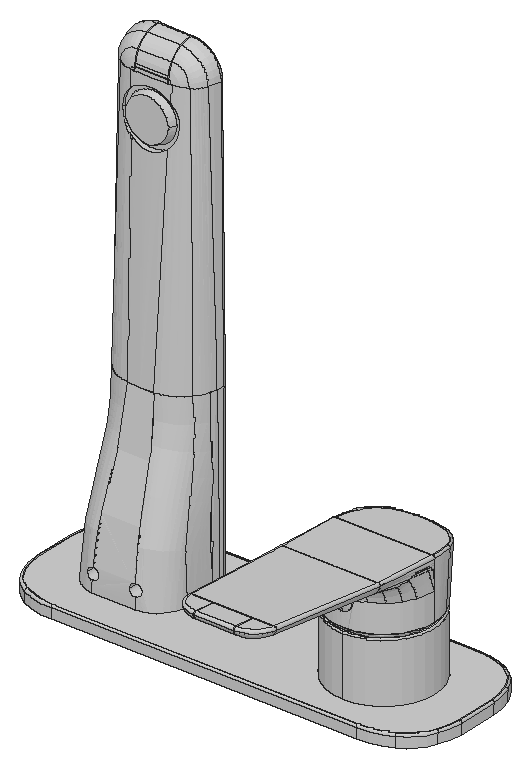
Revit family "CONTURA II WALL BASIN-BATH MIXER 180MM LF", category Plumbing Fixtures, host Face, Revit 2020
Family settings
  Host = Face
  Round Connector Dimension = Use Diameter
  Part Type = Normal
  OmniClass Number = 23.45.55.17
  OmniClass Title = Mixing Faucets
  Cut with Voids When Loaded = Yes
  Shared = No
  Room Calculation Point = No
Parameters (values of type "CONTURA II WALL BASIN-BATH MIXER 180MM LF - CHROME")
  Waste Connection = no
  Vent Connection = no
  URL = "https://www.caroma.com.au/"
  Model = "849051C6AF"
  Base_Material = GWA_Metal-Chrome
  Manufacturer = "GWA Bathrooms & Kitchens"  # constant formula
  HW Connection = yes
  Description = "CONTURA II WALL BASIN-BATH MIXER 180MM LF - CHROME"
  Default Elevation = 0 mm
  CreatedBy_ANZRS = "GWA Bathrooms & Kitchens"  # constant formula
  CW Connection = yes
  Assembly Code = "D2020300"
Types (6, lengths in mm): name | Model | Base_Material | Description
  (no name) | "849051C6AF" | GWA_Metal-Chrome | "CONTURA II WALL BASIN-BATH MIXER 180MM LF - CHROME"
  CONTURA II WALL BASIN-BATH MIXER 180MM LF - CHROME | "849051C6AF" | GWA_Metal-Chrome | "CONTURA II WALL BASIN-BATH MIXER 180MM LF - CHROME"
  CONTURA II WALL BASIN-BATH MIXER 180MM LF - MATTE BLACK | "849051B6AF" | GWA-Metal-Black | "CONTURA II WALL BASIN-BATH MIXER 180MM LF - MATTE BLACK"
  CONTURA II WALL BASIN-BATH MIXER 180MM LF - BRUSHED BRASS | "849051BB6AF" | GWA_Metal-Brushed-Brass | "CONTURA II WALL BASIN-BATH MIXER 180MM LF - BRUSHED BRASS"
  CONTURA II WALL BASIN-BATH MIXER 180MM LF - BRUSHED BRONZE | "849051BBZ6AF" | GWA_Metal-Brushed-Bronze | "CONTURA II WALL BASIN-BATH MIXER 180MM LF - BRUSHED BRONZE"
  CONTURA II WALL BASIN-BATH MIXER 180MM LF - BRUSHED NICKEL | "849051BN6AF" | GWA_Metal-Brushed-Nickel | "CONTURA II WALL BASIN-BATH MIXER 180MM LF - BRUSHED NICKEL"
Reference planes
  plane 1 "Center (Front/Back)": y = 0
  plane 2: z = 0
  plane 3 "Center (Left/Right)": x = 0
Forms (mm)
  Sweep 1, solid, material "GWA_Metal-Chrome" <- "Base_Material"
    path origin (0, 0, 0) x (1, 0, 0) y (0, 1, 0)
      loop
        arc (-114.48, 32.5) -> (-121.599, 31.638) -> (-128.307, 29.103) r 29.842
        arc (-128.307, 29.103) -> (-134.006, 24.641) -> (-137.736, 18.439) r 19.936
        arc (-137.736, 18.439) -> (-139.138, 13.597) -> (-139.781, 8.596) r 32.769
        arc (-139.781, 8.596) -> (-140, 0) -> (-139.781, -8.596) r 168.958
        arc (-139.781, -8.596) -> (-139.138, -13.597) -> (-137.736, -18.439) r 32.769
        arc (-137.736, -18.439) -> (-134.006, -24.641) -> (-128.307, -29.103) r 19.936
        arc (-128.307, -29.103) -> (-121.599, -31.638) -> (-114.48, -32.5) r 29.842
        line (-114.48, -32.5) -> (14.48, -32.5)
        arc (14.48, -32.5) -> (21.599, -31.638) -> (28.307, -29.103) r 29.842
        arc (28.307, -29.103) -> (34.006, -24.641) -> (37.736, -18.439) r 19.936
        arc (37.736, -18.439) -> (39.138, -13.597) -> (39.781, -8.596) r 32.769
        arc (39.781, -8.596) -> (40, 0) -> (39.781, 8.596) r 168.958
        arc (39.781, 8.596) -> (39.138, 13.597) -> (37.736, 18.439) r 32.769
        arc (37.736, 18.439) -> (34.006, 24.641) -> (28.307, 29.103) r 19.936
        arc (28.307, 29.103) -> (21.599, 31.638) -> (14.48, 32.5) r 29.842
        line (14.48, 32.5) -> (-114.48, 32.5)
    profile origin (-50, 32.5, 0) x (0, 1, 0) y (0, 0, 1)
      loop
        line (0, 0) -> (0, 4.2)
        arc (0, 4.2) -> (-0.293, 4.907) -> (-1, 5.2) r 1
        line (-1, 5.2) -> (-1, 0) -> (0, 0)
  Extrusion 2, solid, material "GWA_Metal-Chrome" <- "Base_Material"
    sketch origin (0, 0, 0) x (1, 0, 0) y (0, 1, 0)
      loop
        circle (0, 0) r 21.8
      loop
        arc (-114.48, 31.5) -> (-121.361, 30.667) -> (-127.844, 28.217) r 28.842
        arc (-127.844, 28.217) -> (-133.257, 23.979) -> (-136.799, 18.088) r 18.936
        arc (-136.799, 18.088) -> (-138.159, 13.393) -> (-138.782, 8.545) r 31.769
        arc (-138.782, 8.545) -> (-139, 0) -> (-138.782, -8.545) r 167.958
        arc (-138.782, -8.545) -> (-138.159, -13.393) -> (-136.799, -18.088) r 31.769
        arc (-136.799, -18.088) -> (-133.257, -23.979) -> (-127.844, -28.217) r 18.936
        arc (-127.844, -28.217) -> (-121.361, -30.667) -> (-114.48, -31.5) r 28.842
        line (-114.48, -31.5) -> (14.48, -31.5)
        arc (14.48, -31.5) -> (21.361, -30.667) -> (27.844, -28.217) r 28.842
        arc (27.844, -28.217) -> (33.257, -23.979) -> (36.799, -18.088) r 18.936
        arc (36.799, -18.088) -> (38.159, -13.393) -> (38.782, -8.545) r 31.769
        arc (38.782, -8.545) -> (39, 0) -> (38.782, 8.545) r 167.958
        arc (38.782, 8.545) -> (38.159, 13.393) -> (36.799, 18.088) r 31.769
        arc (36.799, 18.088) -> (33.257, 23.979) -> (27.844, 28.217) r 18.936
        arc (27.844, 28.217) -> (21.361, 30.667) -> (14.48, 31.5) r 28.842
        line (14.48, 31.5) -> (-114.48, 31.5)
    from 0 to 5.2
  Revolve 3, solid, material "GWA_Metal-Chrome" <- "Base_Material"
    sketch origin (0, 0, 0) x (0, 1, 0) y (0, 0, 1)
      loop
        arc (-15.92, 36.8) -> (-18.261, 34.183) -> (-20.177, 31.24) r 23
        arc (-20.177, 31.24) -> (-20.169, 30.745) -> (-19.739, 30.5) r 0.5
        line (-19.739, 30.5) -> (0, 30.5) -> (0, 36.8) -> (-15.92, 36.8)
      axis (0, 30.5) -> (0, 36.8)
    angle from 0 to 360
  Revolve 4, solid, material "GWA_Metal-Chrome" <- "Base_Material"
    sketch origin (0, 0, 0) x (0, 1, 0) y (0, 0, 1)
      loop
        line (0, 30.5) -> (-21, 30.5)
        arc (-21, 30.5) -> (-21.354, 30.354) -> (-21.5, 30) r 0.5
        line (-21.5, 30) -> (-21.5, 0) -> (0, 0) -> (0, 30.5)
      axis (0, 0) -> (0, 30.5)
    angle from 0 to 360
Lines and regions (mm)
  Masking region 1
    outline origin (0, 0, 0) x (0, 1, 0) y (0, 0, 1)
      loop
        line (32.5, 0) -> (32.5, 4.2)
        arc (32.5, 4.2) -> (32.207, 4.907) -> (31.5, 5.2) r 1
        line (31.5, 5.2) -> (21.5, 5.2) -> (21.5, 30)
        arc (21.5, 30) -> (21.354, 30.354) -> (21, 30.5) r 0.5
        line (21, 30.5) -> (-21, 30.5)
        arc (-21, 30.5) -> (-21.354, 30.354) -> (-21.5, 30) r 0.5
        line (-21.5, 30) -> (-21.5, 5.2) -> (-31.5, 5.2)
        arc (-31.5, 5.2) -> (-32.207, 4.907) -> (-32.5, 4.2) r 1
        line (-32.5, 4.2) -> (-32.5, 0) -> (32.5, 0)
      loop
        arc (-66.761, 63.338) -> (-73.285, 63.888) -> (-79.813, 64.392) r 914.227
        arc (-79.813, 64.392) -> (-84.22, 64.706) -> (-88.635, 64.998) r 914.138
        arc (-88.635, 64.998) -> (-89.418, 64.695) -> (-89.694, 63.901) r 1
        arc (-89.694, 63.901) -> (-89.223, 62.428) -> (-88.193, 61.276) r 3.705
        arc (-88.193, 61.276) -> (-86.039, 60.083) -> (-83.656, 59.463) r 9.844
        line (-83.656, 59.463) -> (-80.255, 59.02)
        arc (-80.255, 59.02) -> (-77.655, 58.68) -> (-75.055, 58.343) r 2544.513
        line (-75.055, 58.343) -> (-29.24, 52.379)
        arc (-29.24, 52.379) -> (-26.806, 51.634) -> (-24.754, 50.13) r 7.627
        arc (-24.754, 50.13) -> (-22.987, 47.769) -> (-21.878, 45.036) r 11.508
        arc (-21.878, 45.036) -> (-22.18, 41.811) -> (-21.5, 38.645) r 10.659
        line (-21.5, 38.645) -> (-21.5, 32.5) -> (21.5, 32.5) -> (21.5, 53.892)
        arc (21.5, 53.892) -> (21.262, 54.54) -> (20.661, 54.879) r 1
        arc (20.661, 54.879) -> (18.082, 55.286) -> (15.5, 55.67) r 283.348
        line (15.5, 55.67) -> (15.5, 195.279)
        arc (15.5, 195.279) -> (15.46, 201.195) -> (15.341, 207.111) r 440
        arc (15.341, 207.111) -> (15.024, 207.815) -> (14.3, 208.083) r 1
        arc (14.3, 208.083) -> (9.274, 206.686) -> (5.389, 203.206) r 11.452
        arc (5.389, 203.206) -> (2.979, 198.971) -> (1.395, 194.363) r 26.205
        arc (1.395, 194.363) -> (0.946, 190.806) -> (1.299, 187.239) r 16
        arc (1.299, 187.239) -> (1.924, 177.895) -> (-0.136, 168.76) r 32.568
        arc (-0.136, 168.76) -> (-0.367, 167.966) -> (-0.464, 167.145) r 5
        line (-0.464, 167.145) -> (-3.614, 76.931)
        arc (-3.614, 76.931) -> (-4.428, 67.405) -> (-6.195, 58.01) r 95
        line (-6.195, 58.01) -> (-66.761, 63.338)
  Masking region 2
    outline origin (0, 0, 0) x (0, 1, 0) y (0, 0, 1)
      loop
        arc (19.739, 30.5) -> (20.169, 30.745) -> (20.177, 31.24) r 0.5
        arc (20.177, 31.24) -> (19.816, 31.876) -> (19.435, 32.5) r 23
        line (19.435, 32.5) -> (-19.435, 32.5)
        arc (-19.435, 32.5) -> (-19.816, 31.876) -> (-20.177, 31.24) r 23
        arc (-20.177, 31.24) -> (-20.169, 30.745) -> (-19.739, 30.5) r 0.5
        line (-19.739, 30.5) -> (19.739, 30.5)
  Masking region 3
    outline origin (0, 0, -234.316) x (1, 0, 0) y (0, 0, 1)
      loop
        line (-140, 234.316) -> (40, 234.316) -> (40, 238.516)
        arc (40, 238.516) -> (39.707, 239.223) -> (39, 239.516) r 1
        line (39, 239.516) -> (21.5, 239.516) -> (21.5, 264.316)
        arc (21.5, 264.316) -> (21.354, 264.67) -> (21, 264.816) r 0.5
        line (21, 264.816) -> (-21, 264.816)
        arc (-21, 264.816) -> (-21.354, 264.67) -> (-21.5, 264.316) r 0.5
        line (-21.5, 264.316) -> (-21.5, 239.516) -> (-79, 239.516) -> (-80.141, 429.978)
        arc (-80.141, 429.978) -> (-83.609, 438.483) -> (-91.99, 442.241) r 12.347
        arc (-91.99, 442.241) -> (-100, 442.402) -> (-108.01, 442.241) r 198.646
        arc (-108.01, 442.241) -> (-116.391, 438.483) -> (-119.859, 429.978) r 12.347
        line (-119.859, 429.978) -> (-121, 239.516) -> (-139, 239.516)
        arc (-139, 239.516) -> (-139.707, 239.223) -> (-140, 238.516) r 1
        line (-140, 238.516) -> (-140, 234.316)
      loop
        line (-21.5, 266.816) -> (21.5, 266.816) -> (21.5, 289.422)
        arc (21.5, 289.422) -> (20.775, 293.69) -> (18.68, 297.478) r 12.917
        arc (18.68, 297.478) -> (17.817, 298.215) -> (16.742, 298.579) r 3
        arc (16.742, 298.579) -> (13.136, 298.976) -> (9.513, 299.178) r 67.649
        arc (9.513, 299.178) -> (0, 299.317) -> (-9.513, 299.178) r 327.745
        arc (-9.513, 299.178) -> (-13.136, 298.976) -> (-16.742, 298.579) r 67.649
        arc (-16.742, 298.579) -> (-17.817, 298.215) -> (-18.68, 297.478) r 3
        arc (-18.68, 297.478) -> (-20.775, 293.69) -> (-21.5, 289.422) r 12.917
        line (-21.5, 289.422) -> (-21.5, 266.816)
  Masking region 4
    outline origin (0, 0, -234.316) x (1, 0, 0) y (0, 0, 1)
      loop
        line (19.435, 266.816) -> (-19.435, 266.816)
        arc (-19.435, 266.816) -> (-19.816, 266.192) -> (-20.177, 265.556) r 23
        arc (-20.177, 265.556) -> (-20.169, 265.061) -> (-19.739, 264.816) r 0.5
        line (-19.739, 264.816) -> (19.739, 264.816)
        arc (19.739, 264.816) -> (20.169, 265.061) -> (20.177, 265.556) r 0.5
        arc (20.177, 265.556) -> (19.816, 266.192) -> (19.435, 266.816) r 23
  Masking region 5
    outline origin (0, 0, 0) x (1, 0, 0) y (0, 1, 0)
      loop
        arc (20.977, -31.784) -> (24.73, -30.684) -> (28.307, -29.103) r 29.842
        arc (28.307, -29.103) -> (34.006, -24.641) -> (37.736, -18.439) r 19.936
        arc (37.736, -18.439) -> (39.138, -13.597) -> (39.781, -8.596) r 32.769
        arc (39.781, -8.596) -> (40, 0) -> (39.781, 8.596) r 168.958
        arc (39.781, 8.596) -> (39.138, 13.597) -> (37.736, 18.439) r 32.769
        arc (37.736, 18.439) -> (34.006, 24.641) -> (28.307, 29.103) r 19.936
        arc (28.307, 29.103) -> (21.599, 31.638) -> (14.48, 32.5) r 29.842
        line (14.48, 32.5) -> (-114.48, 32.5)
        arc (-114.48, 32.5) -> (-121.599, 31.638) -> (-128.307, 29.103) r 29.842
        arc (-128.307, 29.103) -> (-134.006, 24.641) -> (-137.736, 18.439) r 19.936
        arc (-137.736, 18.439) -> (-139.138, 13.597) -> (-139.781, 8.596) r 32.769
        arc (-139.781, 8.596) -> (-140, 0) -> (-139.781, -8.596) r 168.958
        arc (-139.781, -8.596) -> (-139.138, -13.597) -> (-137.736, -18.439) r 32.769
        arc (-137.736, -18.439) -> (-134.006, -24.641) -> (-128.307, -29.103) r 19.936
        arc (-128.307, -29.103) -> (-121.599, -31.638) -> (-114.48, -32.5) r 29.842
        line (-114.48, -32.5) -> (-20.955, -32.5)
        arc (-20.955, -32.5) -> (-20.007, -55.246) -> (-18.593, -77.967) r 1110.789
        arc (-18.593, -77.967) -> (-18.119, -80.677) -> (-17.111, -83.238) r 13.668
        arc (-17.111, -83.238) -> (-13.503, -87.334) -> (-8.387, -89.236) r 11.189
        arc (-8.387, -89.236) -> (0, -89.695) -> (8.387, -89.236) r 76.764
        arc (8.387, -89.236) -> (13.503, -87.334) -> (17.111, -83.238) r 11.189
        arc (17.111, -83.238) -> (18.119, -80.677) -> (18.593, -77.967) r 13.668
        arc (18.593, -77.967) -> (20.025, -54.888) -> (20.977, -31.784) r 1110.789
  symbolic lines
    curve 1: line (-79, 0, 5.2) -> (-80.141, 0, 195.661)
    curve 2: arc (-80.141, 0, 195.661) -> (-83.609, 0, 204.167) -> (-91.99, 0, 207.924) r 12.347
    curve 3: arc (-91.99, 0, 207.924) -> (-100, 0, 208.086) -> (-108.01, 0, 207.924) r 198.646
    curve 4: arc (-108.01, 0, 207.924) -> (-116.391, 0, 204.167) -> (-119.859, 0, 195.661) r 12.347
    curve 5: line (-119.859, 0, 195.661) -> (-121, 0, 5.2)
    curve 6: line (-140, 0, 0) -> (40, 0, 0)
    curve 7: line (0, 32.5, 0) -> (0, 32.5, 4.2)
    curve 8: arc (0, 32.5, 4.2) -> (0, 32.207, 4.907) -> (0, 31.5, 5.2) r 1
    curve 9: line (0, 31.5, 5.2) -> (0, -31.5, 5.2)
    curve 10: arc (0, -31.5, 5.2) -> (0, -32.207, 4.907) -> (0, -32.5, 4.2) r 1
    curve 11: line (0, -32.5, 4.2) -> (0, -32.5, 0)
    curve 12: arc (0, -6.195, 58.01) -> (0, -4.428, 67.405) -> (0, -3.614, 76.931) r 95
    curve 13: line (0, -3.614, 76.931) -> (0, -0.464, 167.145)
    curve 14: arc (0, -0.464, 167.145) -> (0, -0.367, 167.966) -> (0, -0.136, 168.76) r 5
    curve 15: arc (0, -0.136, 168.76) -> (0, 1.924, 177.895) -> (0, 1.299, 187.239) r 32.568
    curve 16: arc (0, 1.299, 187.239) -> (0, 0.946, 190.806) -> (0, 1.395, 194.363) r 16
    curve 17: arc (0, 1.395, 194.363) -> (0, 2.979, 198.971) -> (0, 5.389, 203.206) r 26.205
    curve 18: arc (0, 5.389, 203.206) -> (0, 9.274, 206.686) -> (0, 14.3, 208.083) r 11.452
    curve 19: arc (0, 14.3, 208.083) -> (0, 15.024, 207.815) -> (0, 15.341, 207.111) r 1
    curve 20: arc (0, 15.341, 207.111) -> (0, 15.46, 201.195) -> (0, 15.5, 195.279) r 440
    curve 21: line (0, 15.5, 55.67) -> (0, 15.5, 195.279)
    curve 22: line (0, 14.736, 55.779) -> (0, 14.736, 198.759)
    curve 23: arc (0, 14.736, 198.759) -> (0, 14.772, 202.92) -> (0, 14.88, 207.079) r 241.024
    curve 24: line (0, 0.447, 170.413) -> (0, -0.82, 170.914)
    curve 25: line (0, -0.82, 170.914) -> (0, -0.189, 189.003)
    curve 26: line (0, -0.189, 189.003) -> (0, 0.99, 189.375)
    curve 27: arc (-120.046, 15.043, 0) -> (-100, 15.5, 0) -> (-79.954, 15.043, 0) r 440
    curve 28: arc (-79.954, 15.043, 0) -> (-79.277, 14.735, 0) -> (-79, 14.044, 0) r 1
    curve 29: line (-79, 14.044, 0) -> (-79, -4.7, 0)
    curve 30: arc (-79, -4.7, 0) -> (-82.749, -13.751, 0) -> (-91.8, -17.5, 0) r 12.8
    curve 31: line (-91.8, -17.5, 0) -> (-108.2, -17.5, 0)
    curve 32: arc (-108.2, -17.5, 0) -> (-117.251, -13.751, 0) -> (-121, -4.7, 0) r 12.8
    curve 33: line (-121, -4.7, 0) -> (-121, 14.044, 0)
    curve 34: arc (-121, 14.044, 0) -> (-120.723, 14.735, 0) -> (-120.046, 15.043, 0) r 1
    curve 35: arc (-81.101, 15.094, 0) -> (-80.395, 14.758, 0) -> (-80.147, 14.016, 0) r 1
    curve 36: arc (-80.147, 14.016, 0) -> (-80.544, 11.414, 0) -> (-81.315, 8.898, 0) r 18.125
    curve 37: arc (-81.315, 8.898, 0) -> (-82.941, 6.188, 0) -> (-85.383, 4.181, 0) r 9.288
    curve 38: arc (-85.383, 4.181, 0) -> (-88.333, 2.878, 0) -> (-91.485, 2.198, 0) r 15.913
    curve 39: arc (-91.485, 2.198, 0) -> (-95.736, 1.842, 0) -> (-100, 1.724, 0) r 76.742
    curve 40: arc (-100, 1.724, 0) -> (-104.264, 1.842, 0) -> (-108.515, 2.198, 0) r 76.742
    curve 41: arc (-108.515, 2.198, 0) -> (-111.667, 2.878, 0) -> (-114.617, 4.181, 0) r 15.913
    curve 42: arc (-114.617, 4.181, 0) -> (-117.059, 6.188, 0) -> (-118.685, 8.898, 0) r 9.288
    curve 43: arc (-118.685, 8.898, 0) -> (-119.456, 11.414, 0) -> (-119.853, 14.016, 0) r 18.125
    curve 44: arc (-119.853, 14.016, 0) -> (-119.605, 14.758, 0) -> (-118.899, 15.094, 0) r 1
    curve 45: arc (-109.533, 0.901, 0) -> (-110.724, 1.327, 0) -> (-111.875, 1.85, 0) r 15.173
    curve 46: arc (-111.875, 1.85, 0) -> (-109.963, 1.329, 0) -> (-108.004, 1.027, 0) r 17.63
    curve 47: arc (-108.004, 1.027, 0) -> (-106.445, 0.924, 0) -> (-104.883, 0.919, 0) r 25
    curve 48: arc (-104.883, 0.919, 0) -> (-100, 0.987, 0) -> (-95.117, 0.919, 0) r 174.541
    curve 49: arc (-95.117, 0.919, 0) -> (-93.555, 0.924, 0) -> (-91.996, 1.027, 0) r 25
    curve 50: arc (-91.996, 1.027, 0) -> (-90.037, 1.329, 0) -> (-88.125, 1.85, 0) r 17.63
    curve 51: arc (-88.125, 1.85, 0) -> (-89.276, 1.327, 0) -> (-90.467, 0.901, 0) r 15.173
    curve 52: spline (-100, -0.189, 0) -> (-101.193, -0.191, 0) -> (-102.364, -0.2, 0) -> (-103.495, -0.213, 0) -> (-104.564, -0.232, 0) -> (-105.554, -0.255, 0) -> (-106.447, -0.283, 0) -> (-107.228, -0.314, 0) -> (-107.883, -0.349, 0) -> (-108.4, -0.387, 0) -> (-108.77, -0.427, 0) -> (-108.988, -0.468, 0) -> (-109.049, -0.509, 0)
    curve 53: spline (-109.049, -0.509, 0) -> (-108.955, -0.55, 0) -> (-108.711, -0.59, 0) -> (-108.321, -0.629, 0) -> (-107.792, -0.665, 0) -> (-107.131, -0.699, 0) -> (-106.351, -0.729, 0) -> (-105.464, -0.756, 0) -> (-104.485, -0.779, 0) -> (-103.432, -0.797, 0) -> (-102.32, -0.81, 0) -> (-101.17, -0.818, 0) -> (-100, -0.82, 0)
    curve 54: spline (-100, -0.82, 0) -> (-97.658, -0.809, 0) -> (-95.475, -0.778, 0) -> (-93.601, -0.728, 0) -> (-92.162, -0.662, 0) -> (-91.258, -0.586, 0) -> (-90.95, -0.504, 0) -> (-91.258, -0.423, 0) -> (-92.162, -0.346, 0) -> (-93.601, -0.281, 0) -> (-95.475, -0.231, 0) -> (-97.658, -0.199, 0) -> (-100, -0.189, 0)
    curve 55: arc (-109.619, 1.26, 0) -> (-109.376, 0.362, 0) -> (-109.049, -0.509, 0) r 9.85
    curve 56: arc (-90.381, 1.26, 0) -> (-90.624, 0.362, 0) -> (-90.951, -0.509, 0) r 9.85
    curve 57: arc (-10.33, 20.028, 0) -> (0, 21.503, 0) -> (10.33, 20.028, 0) r 36.892
    curve 58: arc (10.33, 20.028, 0) -> (16.721, 16.153, 0) -> (20.325, 9.606, 0) r 14.468
    curve 59: arc (20.325, 9.606, 0) -> (21.211, 4.765, 0) -> (21.5, -0.148, 0) r 40.318
    curve 60: arc (21.5, -0.148, 0) -> (20.729, -39.083, 0) -> (18.593, -77.967, 0) r 1110.789
    curve 61: arc (18.593, -77.967, 0) -> (18.119, -80.677, 0) -> (17.111, -83.238, 0) r 13.668
    curve 62: arc (17.111, -83.238, 0) -> (13.503, -87.334, 0) -> (8.387, -89.236, 0) r 11.189
    curve 63: arc (8.387, -89.236, 0) -> (0, -89.695, 0) -> (-8.387, -89.236, 0) r 76.764
    curve 64: arc (-10.33, 20.028, 0) -> (-16.721, 16.153, 0) -> (-20.325, 9.606, 0) r 14.468
    curve 65: arc (-20.325, 9.606, 0) -> (-21.211, 4.765, 0) -> (-21.5, -0.148, 0) r 40.318
    curve 66: arc (-21.5, -0.148, 0) -> (-20.729, -39.083, 0) -> (-18.593, -77.967, 0) r 1110.789
    curve 67: arc (-18.593, -77.967, 0) -> (-18.119, -80.677, 0) -> (-17.111, -83.238, 0) r 13.668
    curve 68: arc (-17.111, -83.238, 0) -> (-13.503, -87.334, 0) -> (-8.387, -89.236, 0) r 11.189
    curve 69: line (-139, 0, 5.2) -> (39, 0, 5.2)
    curve 70: line (21.5, 0, 5.2) -> (21.5, 0, 30)
    curve 71: arc (21.5, 0, 30) -> (21.354, 0, 30.354) -> (21, 0, 30.5) r 0.5
    curve 72: line (21, 0, 30.5) -> (-21, 0, 30.5)
    curve 73: arc (-21, 0, 30.5) -> (-21.354, 0, 30.354) -> (-21.5, 0, 30) r 0.5
    curve 74: line (-21.5, 0, 30) -> (-21.5, 0, 5.2)
    curve 75: line (21.5, 0, 32.5) -> (21.5, 0, 55.106)
    curve 76: arc (21.5, 0, 55.106) -> (20.775, 0, 59.374) -> (18.68, 0, 63.162) r 12.917
    curve 77: arc (18.68, 0, 63.162) -> (17.817, 0, 63.899) -> (16.742, 0, 64.263) r 3
    curve 78: arc (16.742, 0, 64.263) -> (13.136, 0, 64.66) -> (9.513, 0, 64.862) r 67.649
    curve 79: arc (9.513, 0, 64.862) -> (0, 0, 65) -> (-9.513, 0, 64.862) r 327.745
    curve 80: arc (-9.513, 0, 64.862) -> (-13.136, 0, 64.66) -> (-16.742, 0, 64.263) r 67.649
    curve 81: arc (-16.742, 0, 64.263) -> (-17.817, 0, 63.899) -> (-18.68, 0, 63.162) r 3
    curve 82: arc (-18.68, 0, 63.162) -> (-20.775, 0, 59.374) -> (-21.5, 0, 55.106) r 12.917
    curve 83: line (-21.5, 0, 55.106) -> (-21.5, 0, 32.5)
    curve 84: line (-21.5, 0, 32.5) -> (21.5, 0, 32.5)
    curve 85: arc (-21.242, 0, 57.673) -> (-20.943, 0, 56.16) -> (-19.656, 0, 55.31) r 2
    curve 86: arc (-19.656, 0, 55.31) -> (-16.208, 0, 54.811) -> (-12.73, 0, 54.616) r 39.62
    curve 87: arc (-12.73, 0, 54.616) -> (0, 0, 54.54) -> (12.73, 0, 54.616) r 1065.533
    curve 88: arc (12.73, 0, 54.616) -> (16.208, 0, 54.811) -> (19.656, 0, 55.31) r 39.62
    curve 89: arc (19.656, 0, 55.31) -> (20.943, 0, 56.16) -> (21.242, 0, 57.673) r 2
    curve 90: arc (-19.739, 0, 30.5) -> (-20.169, 0, 30.745) -> (-20.177, 0, 31.24) r 0.5
    curve 91: arc (-20.177, 0, 31.24) -> (-19.816, 0, 31.876) -> (-19.435, 0, 32.5) r 23
    curve 92: arc (19.435, 0, 32.5) -> (19.816, 0, 31.876) -> (20.177, 0, 31.24) r 23
    curve 93: arc (20.177, 0, 31.24) -> (20.169, 0, 30.745) -> (19.739, 0, 30.5) r 0.5
    curve 94: line (0, 32.5, 0) -> (0, -32.5, 0)
    curve 95: line (0, -21.5, 5.2) -> (0, -21.5, 30)
    curve 96: arc (0, -21.5, 30) -> (0, -21.354, 30.354) -> (0, -21, 30.5) r 0.5
    curve 97: line (0, -21, 30.5) -> (0, 21, 30.5)
    curve 98: arc (0, 21, 30.5) -> (0, 21.354, 30.354) -> (0, 21.5, 30) r 0.5
    curve 99: line (0, 21.5, 30) -> (0, 21.5, 5.2)
    curve 100: arc (0, -19.739, 30.5) -> (0, -20.169, 30.745) -> (0, -20.177, 31.24) r 0.5
    curve 101: arc (0, -20.177, 31.24) -> (0, -19.816, 31.876) -> (0, -19.435, 32.5) r 23
    curve 102: arc (0, 19.739, 30.5) -> (0, 20.169, 30.745) -> (0, 20.177, 31.24) r 0.5
    curve 103: arc (0, 20.177, 31.24) -> (0, 19.816, 31.876) -> (0, 19.435, 32.5) r 23
    curve 104: line (0, -80.255, 59.02) -> (0, -83.656, 59.463)
    curve 105: arc (0, -83.656, 59.463) -> (0, -86.039, 60.083) -> (0, -88.193, 61.276) r 9.844
    curve 106: arc (0, -88.193, 61.276) -> (0, -89.223, 62.428) -> (0, -89.694, 63.901) r 3.705
    curve 107: arc (0, -89.694, 63.901) -> (0, -89.418, 64.695) -> (0, -88.635, 64.998) r 1
    curve 108: arc (0, -88.629, 64.998) -> (0, -84.22, 64.706) -> (0, -79.813, 64.392) r 914.138
    curve 109: arc (0, -79.813, 64.392) -> (0, -73.285, 63.888) -> (0, -66.761, 63.338) r 914.227
    curve 110: line (0, -66.761, 63.338) -> (0, -0.092, 57.473)
    curve 111: arc (0, -0.092, 57.473) -> (0, 10.308, 56.367) -> (0, 20.661, 54.879) r 283.348
    curve 112: arc (0, 20.661, 54.879) -> (0, 21.262, 54.54) -> (0, 21.5, 53.892) r 1
    curve 113: line (0, 21.5, 53.892) -> (0, 21.5, 32.5)
    curve 114: line (0, 21.5, 32.5) -> (0, -21.5, 32.5)
    curve 115: line (0, -21.5, 32.5) -> (0, -21.5, 42.111)
    curve 116: arc (0, -21.5, 42.111) -> (0, -22.344, 46.438) -> (0, -24.754, 50.13) r 11.508
    curve 117: arc (0, -24.754, 50.13) -> (0, -26.806, 51.634) -> (0, -29.24, 52.379) r 7.627
    curve 118: line (0, -29.24, 52.379) -> (0, -75.055, 58.343)
    curve 119: arc (0, -75.055, 58.343) -> (0, -77.655, 58.68) -> (0, -80.255, 59.02) r 2544.513
    curve 120: arc (0, -21.5, 38.645) -> (0, -22.18, 41.811) -> (0, -21.878, 45.036) r 10.659
    curve 121: arc (0, -21.5, 38.642) -> (0, -21.294, 41.472) -> (0, -21.706, 44.279) r 13.018
    curve 122: arc (0, -89.393, 64.72) -> (0, -88.8, 64.532) -> (0, -88.185, 64.431) r 4.336
    curve 123: line (0, -88.185, 64.431) -> (0, 18.628, 54.655)
    curve 124: arc (0, 18.628, 54.655) -> (0, 19.694, 54.58) -> (0, 20.762, 54.552) r 24.649
    curve 125: line (40, 0, 0) -> (40, 0, 4.2)
    curve 126: line (-140, 0, 0) -> (-140, 0, 4.2)
    curve 127: arc (40, 0, 4.2) -> (39.707, 0, 4.907) -> (39, 0, 5.2) r 1
    curve 128: arc (-139, 0, 5.2) -> (-139.707, 0, 4.907) -> (-140, 0, 4.2) r 1
    curve 129: line (14.48, 32.5, 0) -> (-114.48, 32.5, 0)
    curve 130: arc (-128.307, 29.103, 0) -> (-121.599, 31.638, 0) -> (-114.48, 32.5, 0) r 29.842
    curve 131: arc (-137.736, 18.439, 0) -> (-134.006, 24.641, 0) -> (-128.307, 29.103, 0) r 19.936
    curve 132: arc (-139.781, 8.596, 0) -> (-139.138, 13.597, 0) -> (-137.736, 18.439, 0) r 32.769
    curve 133: arc (-139.781, -8.596, 0) -> (-140, 0, 0) -> (-139.781, 8.596, 0) r 168.958
    curve 134: arc (-137.736, -18.439, 0) -> (-139.138, -13.597, 0) -> (-139.781, -8.596, 0) r 32.769
    curve 135: arc (-128.307, -29.103, 0) -> (-134.006, -24.641, 0) -> (-137.736, -18.439, 0) r 19.936
    curve 136: arc (-114.48, -32.5, 0) -> (-121.599, -31.638, 0) -> (-128.307, -29.103, 0) r 29.842
    curve 137: line (-114.48, -32.5, 0) -> (-20.955, -32.5, 0)
    curve 138: arc (28.307, -29.103, 0) -> (24.73, -30.684, 0) -> (20.977, -31.784, 0) r 29.842
    curve 139: arc (37.736, -18.439, 0) -> (34.006, -24.641, 0) -> (28.307, -29.103, 0) r 19.936
    curve 140: arc (39.781, -8.596, 0) -> (39.138, -13.597, 0) -> (37.736, -18.439, 0) r 32.769
    curve 141: arc (39.781, 8.596, 0) -> (40, 0, 0) -> (39.781, -8.596, 0) r 168.958
    curve 142: arc (28.307, 29.103, 0) -> (34.006, 24.641, 0) -> (37.736, 18.439, 0) r 19.936
    curve 143: arc (37.736, 18.439, 0) -> (39.138, 13.597, 0) -> (39.781, 8.596, 0) r 32.769
    curve 144: arc (14.48, 32.5, 0) -> (21.599, 31.638, 0) -> (28.307, 29.103, 0) r 29.842
Dimensions and locks
  aligned and locked: plane 2 to host face
  aligned and locked: level to host face
Nested families
  nested 1: "CONTURA_HANDLE" at (0, 0, 32.5), type "CONTURA LEVER HANDLE"
  nested 2: "CONTURA OUTLET 180MM LF" at (-100, 0, 0), type "CONTURA OUTLET 180MM LF"
Connectors
  piping at (-10, 0, 0), diameter 20
    settings: index 1, connector inside diameter 609.6 mm, connector length 0 mm, flow factor 0, pipe flow 0.0 L/s, pressure drop 0.0 Pa, fitting loss kfactor 0, connector angle 0.00°, fixture units 0, engagement length 0 mm, angle of deflection 0.00°, flow configuration 3, flow direction 1, fitting loss method 0, system type 19, joint type 0, gender type 0, connector reference index -1, connector utility 0, adjustable connector no, is connector primary yes, connector description ""
  piping at (10, 0, 0), diameter 20
    settings: index 2, connector inside diameter 609.6 mm, connector length 0 mm, flow factor 0, pipe flow 0.0 L/s, pressure drop 0.0 Pa, fitting loss kfactor 0, connector angle 0.00°, fixture units 0, engagement length 0 mm, angle of deflection 0.00°, flow configuration 3, flow direction 1, fitting loss method 0, system type 20, joint type 0, gender type 0, connector reference index -1, connector utility 0, adjustable connector no, is connector primary no, connector description ""
Definition of nested family "CONTURA_HANDLE"
  Parameters (values of type "CONTURA LEVER HANDLE")
    Waste Connection = no
    Vent Connection = no
    URL = "https://www.caroma.com.au/"
    Model = ""
    Base_Material = none
    Manufacturer = "GWA Bathrooms & Kitchens"  # constant formula
    HW Connection = no
    Description = "CONTURA LEVER HANDLE"
    Default Elevation = 0 mm
    CreatedBy_ANZRS = "GWA Bathrooms & Kitchens"  # constant formula
    CW Connection = no
    Assembly Code = "D2020300"
  Reference planes
    plane 1 "Center (Front/Back)": y = 0
    plane 2: z = 0
    plane 3 "Center (Left/Right)": x = 0
  Forms (mm)
    Extrusion 1, solid
      sketch origin (0, -419.2, 0) x (1, 0, 0) y (0, 1, 0)
        loop
          line (-1219.2, 1219.2) -> (-1219.2, -380.8) -> (1219.2, -380.8) -> (1219.2, 1219.2) -> (-1219.2, 1219.2)
      from 0 to -304.8
    Blend 2, solid, material <- "Base_Material"
      base sketch origin (0, -84.666, 7.407) x (0, 0.087156, 0.996195) y (1, 0, 0)
        loop
          line (17.241, 8.654) -> (17.241, -8.654)
          arc (17.241, -8.654) -> (17.437, -12.074) -> (18.021, -15.451) r 30
          arc (18.021, -15.451) -> (18.665, -17.308) -> (19.676, -18.992) r 9.459
          arc (19.676, -18.992) -> (21.181, -20.354) -> (23.083, -21.059) r 5.359
          arc (23.083, -21.059) -> (23.869, -20.855) -> (24.245, -20.135) r 1
          arc (24.245, -20.135) -> (24.883, 0) -> (24.245, 20.135) r 317.774
          arc (24.245, 20.135) -> (23.869, 20.855) -> (23.083, 21.059) r 1
          arc (23.083, 21.059) -> (21.181, 20.354) -> (19.676, 18.992) r 5.359
          arc (19.676, 18.992) -> (18.665, 17.308) -> (18.023, 15.45) r 9.459
          arc (18.023, 15.45) -> (17.437, 12.074) -> (17.241, 8.654) r 30
      top sketch origin (0, -84.666, 7.407) x (0, 0.087156, 0.996195) y (1, 0, 0)
        loop
          arc (19.549, -8.412) -> (20.175, -12.472) -> (21.304, -16.421) r 32.683
          arc (21.304, -16.421) -> (22.196, -17.723) -> (23.617, -18.412) r 3.08
          arc (23.617, -18.412) -> (24.444, -18.203) -> (24.808, -17.431) r 1
          line (24.808, -17.431) -> (24.808, 17.431)
          arc (24.808, 17.431) -> (24.444, 18.203) -> (23.617, 18.412) r 1
          arc (23.617, 18.412) -> (22.196, 17.723) -> (21.304, 16.421) r 3.08
          arc (21.304, 16.421) -> (20.175, 12.472) -> (19.549, 8.412) r 32.683
          line (19.549, 8.412) -> (19.549, -8.412)
      from 54.454 to 2.9
    Blend 3, solid, material <- "Base_Material"
      base sketch origin (0, -84.666, 7.407) x (0, 0.087156, 0.996195) y (1, 0, 0)
        loop
          arc (23.883, -21.5) -> (24.591, -21.207) -> (24.883, -20.5) r 1
          line (24.883, -20.5) -> (24.883, 20.5)
          arc (24.883, 20.5) -> (24.591, 21.207) -> (23.883, 21.5) r 1
          line (23.883, 21.5) -> (20.141, 21.5)
          arc (20.141, 21.5) -> (18.593, 21.357) -> (17.098, 20.931) r 8.428
          arc (17.098, 20.931) -> (16.256, 20.193) -> (15.943, 19.119) r 2
          line (15.943, 19.119) -> (15.943, -21.5) -> (17.943, -21.5) -> (19.943, -21.5) -> (23.883, -21.5)
      top sketch origin (0, -84.666, 7.407) x (0, 0.087156, 0.996195) y (1, 0, 0)
        loop
          arc (24.245, -20.135) -> (24.883, 0) -> (24.245, 20.135) r 317.774
          arc (24.245, 20.135) -> (23.869, 20.855) -> (23.083, 21.059) r 1
          arc (23.083, 21.059) -> (21.181, 20.354) -> (19.676, 18.992) r 5.359
          arc (19.676, 18.992) -> (18.665, 17.308) -> (18.023, 15.45) r 9.459
          arc (18.023, 15.45) -> (17.437, 12.074) -> (17.241, 8.654) r 30
          line (17.241, 8.654) -> (17.241, -8.654)
          arc (17.241, -8.654) -> (17.437, -12.074) -> (18.021, -15.451) r 30
          arc (18.021, -15.451) -> (18.665, -17.308) -> (19.676, -18.992) r 9.459
          arc (19.676, -18.992) -> (21.181, -20.354) -> (23.083, -21.059) r 5.359
          arc (23.083, -21.059) -> (23.869, -20.855) -> (24.245, -20.135) r 1
      from 82.9 to 54.454
    Extrusion 4, void
      sketch origin (0, 0, 0) x (0, 1, 0) y (0, 0, 1)
        loop
          line (24.225, 27.95) -> (-23.063, 27.95) -> (-23.063, 25.992) -> (24.225, 21.855) -> (24.225, 27.95)
      from -25 to 25
    SweptBlend 5, solid, material <- "Base_Material"
      path origin (0, 0, 0) x (0, 1, 0) y (0, 0, 1)
        loop
          arc (-21.51, 11.753) -> (-23.642, 17.235) -> (-28.917, 19.837) r 8.114
      profile origin (0, -21.51, 11.753) x (0, -1, 0) y (1, 0, 0)
        loop
          arc (-1.993, 9.019) -> (-3.401, 11.59) -> (-5.146, 13.945) r 21.5
          arc (-5.146, 13.945) -> (-7.195, 16.041) -> (-9.51, 17.84) r 21.5
          arc (-9.51, 17.84) -> (-11.646, 19.104) -> (-13.914, 20.113) r 21.5
          arc (-13.914, 20.113) -> (-17.649, 21.151) -> (-21.51, 21.5) r 21.5
          line (-21.51, 21.5) -> (-28.283, 21.5) -> (-28.283, -21.5) -> (-21.51, -21.5)
          arc (-21.51, -21.5) -> (-17.649, -21.151) -> (-13.914, -20.113) r 21.5
          arc (-13.914, -20.113) -> (-11.625, -19.093) -> (-9.47, -17.813) r 21.5
          arc (-9.47, -17.813) -> (-7.223, -16.066) -> (-5.226, -14.038) r 21.5
          arc (-5.226, -14.038) -> (-3.668, -11.996) -> (-2.364, -9.783) r 21.5
          arc (-2.364, -9.783) -> (-0.014, -0.425) -> (-1.993, 9.019) r 21.5
      end profile origin (0, -28.917, 19.837) x (0, -0.087156, -0.996195) y (1, 0, 0)
        loop
          line (-5.842, 21.059) -> (-12.882, 21.059) -> (-18.539, 21.059) -> (-18.539, -21.059) -> (-12.882, -21.059) -> (-5.842, -21.059)
          arc (-5.842, -21.059) -> (-3.94, -20.354) -> (-2.435, -18.992) r 5.359
          arc (-2.435, -18.992) -> (-1.424, -17.308) -> (-0.78, -15.451) r 9.459
          arc (-0.78, -15.451) -> (-0.196, -12.074) -> (0, -8.654) r 30
          line (0, -8.654) -> (0, 8.654)
          arc (0, 8.654) -> (-0.196, 12.074) -> (-0.782, 15.45) r 30
          arc (-0.782, 15.45) -> (-1.424, 17.308) -> (-2.435, 18.992) r 9.459
          arc (-2.435, 18.992) -> (-3.94, 20.354) -> (-5.842, 21.059) r 5.359
    Extrusion 6, void
      sketch origin (0, 0, 0) x (0, 1, 0) y (0, 0, 1)
        loop
          line (-30.849, 25.471) -> (0, 22.772) -> (0, 9.64) -> (10.636, 9.64) -> (10.636, 40.388) -> (-30.849, 40.388) -> (-30.849, 25.471)
      from -25 to 25
    Revolve 7, solid, material <- "Base_Material"
      sketch origin (0, 0, 0) x (0, 1, 0) y (0, 0, 1)
        loop
          arc (-21.493, 13.741) -> (-22.017, 11.873) -> (-22.193, 9.941) r 10.662
          line (-22.193, 9.941) -> (-20.117, 9.941) -> (-20.117, 13.741) -> (-21.493, 13.741)
        axis (-22.193, 9.941) -> (-20.117, 9.941)
      angle from 0 to 360
    Extrusion 8, void
      sketch origin (0, 0, 0) x (1, 0, 0) y (0, 0, 1)
        loop
          circle (0, 9.941) r 4
      from 20.117 to 23.797
    Blend 9, solid, material <- "Base_Material"
      base sketch origin (0, -149.897, 0) x (1, 0, 0) y (0, 1, 0)
        loop
          arc (19.401, 159.162) -> (15.265, 165.038) -> (9.423, 169.222) r 21.5
          arc (9.423, 169.222) -> (2.551, 171.245) -> (-4.605, 170.898) r 21.5
          arc (-4.605, 170.898) -> (-13.361, 166.742) -> (-19.401, 159.162) r 21.5
          arc (-19.401, 159.162) -> (-20.957, 154.697) -> (-21.5, 150) r 21.5
          arc (-21.5, 150) -> (0, 128.397) -> (21.5, 150) r 21.5
          arc (21.5, 150) -> (20.957, 154.697) -> (19.401, 159.162) r 21.5
      top sketch origin (0, -149.897, 0) x (1, 0, 0) y (0, 1, 0)
        loop
          arc (-21.5, 149.897) -> (0, 128.397) -> (21.5, 149.897) r 21.5
          arc (21.5, 149.897) -> (21.208, 154.785) -> (20.325, 159.602) r 40.318
          arc (20.325, 159.602) -> (16.721, 166.149) -> (10.33, 170.024) r 14.468
          arc (10.33, 170.024) -> (0, 171.5) -> (-10.33, 170.024) r 36.892
          arc (-10.33, 170.024) -> (-16.721, 166.149) -> (-20.325, 159.602) r 14.468
          arc (-20.325, 159.602) -> (-21.208, 154.785) -> (-21.5, 149.897) r 40.318
      from 0 to 27.816
    Sweep 10, solid, material <- "Base_Material"
      path origin (0, 2.082, 23.793) x (0, -0.996195, 0.087156) y (1, 0, 0)
        loop
          arc (2.09, 21.5) -> (-2.887, 21.158) -> (-7.766, 20.116) r 35.224
          arc (-7.766, 20.116) -> (-14.082, 16.381) -> (-17.953, 10.148) r 15.393
          arc (-17.953, 10.148) -> (-19.543, 0.512) -> (-18.292, -9.173) r 33.557
          arc (-18.292, -9.173) -> (-14.42, -15.999) -> (-7.744, -20.122) r 15.796
          arc (-7.744, -20.122) -> (-2.876, -21.159) -> (2.09, -21.5) r 35.224
      profile origin (0.512, 21.55, 22.089) x (-0.017548, -0.996041, 0.087142) y (0, 0.087156, 0.996195)
        loop
          arc (1, 1) -> (0.293, 0.707) -> (0, 0) r 1
          line (0, 0) -> (1, 0) -> (1, 1)
    Extrusion 11, solid, material <- "Base_Material"
      sketch origin (0, 2.082, 23.793) x (0, -0.996195, 0.087156) y (1, 0, 0)
        loop
          arc (2.09, 20.5) -> (-2.744, 20.168) -> (-7.482, 19.157) r 34.224
          arc (-7.482, 19.157) -> (-13.384, 15.665) -> (-17, 9.843) r 14.393
          arc (-17, 9.843) -> (-18.543, 0.489) -> (-17.324, -8.911) r 32.557
          arc (-17.324, -8.911) -> (-13.704, -15.302) -> (-7.457, -19.164) r 14.796
          arc (-7.457, -19.164) -> (-2.731, -20.17) -> (2.09, -20.5) r 34.224
          line (2.09, -20.5) -> (2.09, 20.5)
      from 0 to 1
    Revolve 12, solid, material <- "Base_Material"
      sketch origin (0, -81.777, 7.155) x (0, 0.087156, 0.996195) y (1, 0, 0)
        loop
          line (19.549, 8.412) -> (24.808, 8.412) -> (24.808, 17.431)
          arc (24.808, 17.431) -> (24.444, 18.203) -> (23.617, 18.412) r 1
          arc (23.617, 18.412) -> (22.196, 17.723) -> (21.304, 16.421) r 3.08
          arc (21.304, 16.421) -> (20.175, 12.472) -> (19.549, 8.412) r 32.683
        axis (19.549, 8.412) -> (24.808, 8.412)
      angle from 90 to 0
    Revolve 13, solid, material <- "Base_Material"
      sketch origin (0, -81.777, 7.155) x (0, 0.087156, 0.996195) y (-1, 0, 0)
        loop
          line (19.549, 8.412) -> (24.808, 8.412) -> (24.808, 17.431)
          arc (24.808, 17.431) -> (24.444, 18.203) -> (23.617, 18.412) r 1
          arc (23.617, 18.412) -> (22.196, 17.723) -> (21.304, 16.421) r 3.08
          arc (21.304, 16.421) -> (20.175, 12.472) -> (19.549, 8.412) r 32.683
        axis (19.549, 8.412) -> (24.808, 8.412)
      angle from 90 to 0
    Extrusion 14, solid, material <- "Base_Material"
      sketch origin (0, 0, 0) x (0, 1, 0) y (0, 0, 1)
        loop
          arc (-87.898, 29.075) -> (-84.063, 27.606) -> (-80.073, 26.629) r 32.683
          line (-80.073, 26.629) -> (-79.615, 31.868) -> (-88.599, 32.654)
          arc (-88.599, 32.654) -> (-89.4, 32.359) -> (-89.681, 31.553) r 1
          arc (-89.681, 31.553) -> (-89.118, 30.078) -> (-87.898, 29.075) r 3.08
      from -8.412 to 8.412
  Cuts and joins
    Extrusion 6, Extrusion 8 cuts SweptBlend 5
    Extrusion 4, Extrusion 8 cuts Blend 9
  Dimensions and locks
    aligned and locked: plane 2 to Extrusion 1
    aligned and locked: level to Extrusion 1
Definition of nested family "CONTURA OUTLET 180MM LF"
  Parameters (values of type "CONTURA OUTLET 180MM LF")
    Waste Connection = no
    Vent Connection = no
    URL = "https://www.caroma.com.au/"
    Model = ""
    Base_Material = none
    Manufacturer = "GWA Bathrooms & Kitchens"  # constant formula
    HW Connection = yes
    Description = "CONTURA OUTLET 180MM LF"
    Default Elevation = 0 mm
    CreatedBy_ANZRS = "GWA Bathrooms & Kitchens"  # constant formula
    CW Connection = yes
    Assembly Code = "D2020300"
  Types (6, lengths in mm): name | Model | HW Connection | Description | CW Connection
    (no name) | "" | yes | "CONTURA OUTLET 180MM LF" | yes
    CONTURA OUTLET 180MM LF | "" | yes | "CONTURA OUTLET 180MM LF" | yes
    CONTURA II BASIN - BATH OUTLET 180MM LF - MATTE BLACK | "849059B6AF" | no | "CONTURA II BASIN - BATH OUTLET 180MM LF - MATTE BLACK" | no
    CONTURA II BASIN - BATH OUTLET 180MM LF - BRUSHED BRASS | "849059BB6AF" | yes | "CONTURA II BASIN - BATH OUTLET 180MM LF - BRUSHED BRASS" | yes
    CONTURA II BASIN - BATH OUTLET 180MM LF - BRUSHED BRONZE | "849059BBZ6AF" | yes | "CONTURA II BASIN - BATH OUTLET 180MM LF - BRUSHED BRONZE" | yes
    CONTURA II BASIN - BATH OUTLET 180MM LF - BRUSHED NICKEL | "849059BN6AF" | yes | "CONTURA II BASIN - BATH OUTLET 180MM LF - BRUSHED NICKEL" | yes
  Reference planes
    plane 1 "Center (Front/Back)": y = 0
    plane 2: z = 0
    plane 3 "Center (Left/Right)": x = 0
  Forms (mm)
    Extrusion 1, solid
      sketch origin (0, -419.2, 0) x (1, 0, 0) y (0, 1, 0)
        loop
          line (-1219.2, 1219.2) -> (-1219.2, -380.8) -> (1219.2, -380.8) -> (1219.2, 1219.2) -> (-1219.2, 1219.2)
      from 0 to -304.8
    Blend 2, solid, material <- "Base_Material"
      base sketch origin (0, 0, 0) x (1, 0, 0) y (0, 1, 0)
        loop
          arc (5.616, -3.253) -> (12.048, -1.396) -> (17.158, 2.931) r 16
          arc (17.158, 2.931) -> (19.43, 6.811) -> (20.648, 11.14) r 17.654
          arc (20.648, 11.14) -> (20.85, 12.793) -> (20.968, 14.454) r 33.13
          arc (20.968, 14.454) -> (20.693, 15.191) -> (19.969, 15.5) r 1
          line (19.969, 15.5) -> (-19.969, 15.5)
          arc (-19.969, 15.5) -> (-20.693, 15.191) -> (-20.968, 14.454) r 1
          arc (-20.968, 14.454) -> (-20.85, 12.793) -> (-20.648, 11.14) r 33.13
          arc (-20.648, 11.14) -> (-19.43, 6.811) -> (-17.158, 2.931) r 17.654
          arc (-17.158, 2.931) -> (-12.048, -1.396) -> (-5.616, -3.253) r 16
          arc (-5.616, -3.253) -> (0, -3.45) -> (5.616, -3.253) r 79.999
      top sketch origin (0, 0, 0) x (1, 0, 0) y (0, 1, 0)
        loop
          arc (-8.515, 2.198) -> (0, 1.724) -> (8.515, 2.198) r 76.742
          arc (8.515, 2.198) -> (11.667, 2.878) -> (14.617, 4.181) r 15.913
          arc (14.617, 4.181) -> (17.059, 6.188) -> (18.685, 8.898) r 9.288
          arc (18.685, 8.898) -> (19.502, 11.624) -> (19.882, 14.445) r 18.125
          arc (19.882, 14.445) -> (19.61, 15.187) -> (18.884, 15.5) r 1
          line (18.884, 15.5) -> (-18.884, 15.5)
          arc (-18.884, 15.5) -> (-19.61, 15.187) -> (-19.882, 14.445) r 1
          arc (-19.882, 14.445) -> (-19.502, 11.624) -> (-18.685, 8.898) r 18.125
          arc (-18.685, 8.898) -> (-17.059, 6.188) -> (-14.617, 4.181) r 9.288
          arc (-14.617, 4.181) -> (-11.667, 2.878) -> (-8.515, 2.198) r 15.913
      from 80.2 to 195.233
    SweptBlend 3, solid, material <- "Base_Material"
      path origin (0, 0, 0) x (0, 1, 0) y (0, 0, 1)
        loop
          spline (-3.253, 80.2) -> (-3.532, 73.327) -> (-4.304, 67.086) -> (-5.471, 61.322) -> (-6.933, 55.878) -> (-8.593, 50.599) -> (-10.351, 45.33) -> (-12.11, 39.915) -> (-13.769, 34.198) -> (-15.232, 28.024) -> (-16.398, 21.237) -> (-17.171, 13.681) -> (-17.45, 5.2)
      profile origin (0, -3.253, 80.2) x (1, 0, 0) y (0, 1, 0)
        loop
          arc (20.648, 14.393) -> (20.896, 16.567) -> (21, 18.753) r 33.13
          line (21, 18.753) -> (-21, 18.753)
          arc (-21, 18.753) -> (-20.896, 16.567) -> (-20.648, 14.393) r 33.13
          arc (-20.648, 14.393) -> (-19.43, 10.064) -> (-17.158, 6.183) r 17.654
          arc (-17.158, 6.183) -> (-12.048, 1.857) -> (-5.616, 0) r 16
          arc (-5.616, 0) -> (0, -0.197) -> (5.616, 0) r 79.999
          arc (5.616, 0) -> (12.048, 1.857) -> (17.158, 6.183) r 16
          arc (17.158, 6.183) -> (19.43, 10.064) -> (20.648, 14.393) r 17.654
      end profile origin (0, -17.45, 5.2) x (1, 0, 0) y (0, 1, 0)
        loop
          line (21, 12.75) -> (21, 27.95) -> (21, 32.95) -> (-21, 32.95) -> (-21, 27.95) -> (-21, 12.75)
          arc (-21, 12.75) -> (-17.642, 4.108) -> (-9.33, 0) r 12.8
          line (-9.33, 0) -> (9.33, 0)
          arc (9.33, 0) -> (17.642, 4.108) -> (21, 12.75) r 12.8
    Blend 4, solid, material <- "Base_Material"
      base sketch origin (0, 0, 0) x (1, 0, 0) y (0, 1, 0)
        loop
          arc (21, 14.5) -> (20.707, 15.207) -> (20, 15.5) r 1
          line (20, 15.5) -> (-20, 15.5)
          arc (-20, 15.5) -> (-20.707, 15.207) -> (-21, 14.5) r 1
          line (-21, 14.5) -> (-21, 12) -> (-21, 8.5) -> (21, 8.5) -> (21, 12) -> (21, 14.5)
      top sketch origin (0, 0, 0) x (1, 0, 0) y (0, 1, 0)
        loop
          arc (20.048, 8.5) -> (20.399, 9.809) -> (20.648, 11.14) r 17.654
          arc (20.648, 11.14) -> (20.85, 12.793) -> (20.968, 14.454) r 33.13
          arc (20.968, 14.454) -> (20.693, 15.191) -> (19.969, 15.5) r 1
          line (19.969, 15.5) -> (-19.969, 15.5)
          arc (-19.969, 15.5) -> (-20.693, 15.191) -> (-20.968, 14.454) r 1
          arc (-20.968, 14.454) -> (-20.85, 12.793) -> (-20.648, 11.14) r 33.13
          arc (-20.648, 11.14) -> (-20.399, 9.809) -> (-20.048, 8.5) r 17.654
          line (-20.048, 8.5) -> (20.048, 8.5)
      from 5.2 to 80.2
    Extrusion 5, void
      sketch origin (0, 0, 0) x (0, 1, 0) y (0, 0, 1)
        loop
          line (23.5, 86.654) -> (8.5, 86.654) -> (8.5, -7.977) -> (23.5, -7.977) -> (23.5, 86.654)
      from -25 to 25
    Revolve 6, solid, material <- "Base_Material"
      sketch origin (0, 0, 195.233) x (0, -1, 0) y (1, 0, 0)
        loop
          arc (-8.898, 18.685) -> (-11.624, 19.502) -> (-14.445, 19.882) r 18.125
          arc (-14.445, 19.882) -> (-15.187, 19.61) -> (-15.5, 18.884) r 1
          line (-15.5, 18.884) -> (-15.5, 7.082) -> (-2.051, 7.082)
          arc (-2.051, 7.082) -> (-2.121, 7.799) -> (-2.198, 8.515) r 76.742
          arc (-2.198, 8.515) -> (-2.878, 11.667) -> (-4.181, 14.617) r 15.913
          arc (-4.181, 14.617) -> (-6.188, 17.059) -> (-8.898, 18.685) r 9.288
        axis (-2.051, 7.082) -> (-15.5, 7.082)
      angle from 360 to 270
    Revolve 7, solid, material <- "Base_Material"
      sketch origin (0, 0, 195.233) x (0, -1, 0) y (-1, 0, 0)
        loop
          arc (-8.898, 18.685) -> (-11.624, 19.502) -> (-14.445, 19.882) r 18.125
          arc (-14.445, 19.882) -> (-15.187, 19.61) -> (-15.5, 18.884) r 1
          line (-15.5, 18.884) -> (-15.5, 7.082) -> (-2.051, 7.082)
          arc (-2.051, 7.082) -> (-2.121, 7.799) -> (-2.198, 8.515) r 76.742
          arc (-2.198, 8.515) -> (-2.878, 11.667) -> (-4.181, 14.617) r 15.913
          arc (-4.181, 14.617) -> (-6.188, 17.059) -> (-8.898, 18.685) r 9.288
        axis (-2.051, 7.082) -> (-15.5, 7.082)
      angle from 360 to 270
    Extrusion 8, solid, material <- "Base_Material"
      sketch origin (0, 0, 0) x (0, 1, 0) y (0, 0, 1)
        loop
          arc (15.5, 207.035) -> (15.187, 207.761) -> (14.445, 208.033) r 1
          arc (14.445, 208.033) -> (11.624, 207.653) -> (8.898, 206.836) r 18.125
          arc (8.898, 206.836) -> (6.188, 205.21) -> (4.181, 202.768) r 9.288
          arc (4.181, 202.768) -> (2.878, 199.818) -> (2.198, 196.666) r 15.913
          arc (2.198, 196.666) -> (2.121, 195.95) -> (2.051, 195.233) r 76.742
          line (2.051, 195.233) -> (15.5, 195.233) -> (15.5, 207.035)
      from -7.082 to 7.082
    Sweep 9, solid, material <- "Base_Material"
      path origin (0, 0, 0) x (0, 1, 0) y (0, 0, 1)
        loop
          arc (5.012, 203.901) -> (2.674, 199.831) -> (1.724, 195.233) r 14.843
      profile origin (0, 2.674, 199.831) x (0, 0.934999, -0.35465) y (1, 0, 0)
        loop
          line (0.327, -7.082) -> (3.09, -7.082) -> (3.09, 7.082) -> (0.327, 7.082)
          arc (0.327, 7.082) -> (0, 0) -> (0.327, -7.082) r 76.742
    Extrusion 10, void
      sketch origin (0, 0, 0) x (1, 0, 0) y (0, 0, 1)
        loop
          circle (9, 12.5) r 2.5
        loop
          circle (-9, 12.5) r 2.5
      from 12 to 22
    Blend 11, solid, material <- "Base_Material"
      base sketch origin (0, 0, 14.093) x (1, 0, 0) y (0, 0, 1)
        loop
          circle (0, 165.907) r 9
      top sketch origin (0, 0, 14.093) x (1, 0, 0) y (0, 0, 1)
        loop
          circle (0, 165.907) r 10
      from 0 to -3.04
    Extrusion 12, void
      sketch origin (0, 0, 0) x (1, 0, 0) y (0, 0, 1)
        loop
          circle (0, 180) r 12
      from -3.04 to 3
  Cuts and joins
    Extrusion 5, Extrusion 10 cuts SweptBlend 3
    Extrusion 12 cuts Blend 2
  Dimensions and locks
    aligned and locked: plane 2 to Extrusion 1
    aligned and locked: level to Extrusion 1
